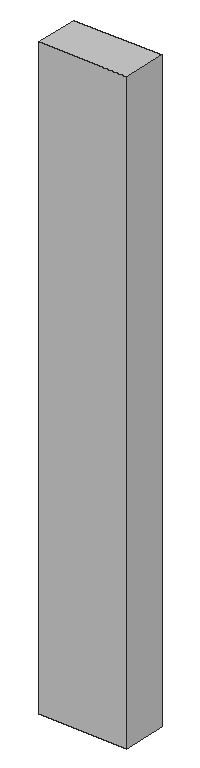
Revit family "column1", category Structural Columns, Revit 2025
Family settings
  Section Shape = Not Defined
  Always export as geometry = No
  Beam cutback in plan = From bounding box
  Cut with Voids When Loaded = No
  Symbolic Representation = From Family
  Shared = No
  Show family pre-cut in plan views = Yes
Parameters
  Type IFC Predefined Type = "COLUMN"
  Material = Concrete, Cast-in-Place gray
  Export Type to IFC As = "ifccolumn"
Reference planes
  plane 1: y = 0
  plane 2: z = 0
  plane 3: x = 0
Forms (mm)
  Extrusion 1, solid, material "Concrete, Cast-in-Place gray" <- "Material"
    sketch origin (0, 0, 0) x (1, 0, 0) y (0, 1, 0)
      loop
        line (202.5, 200) -> (-202.5, 200) -> (-202.5, 0) -> (202.5, 0) -> (202.5, 200)
    from 0 to 2743.2
Dimensions and locks
  locked: Extrusion 1 to level  (x2)
